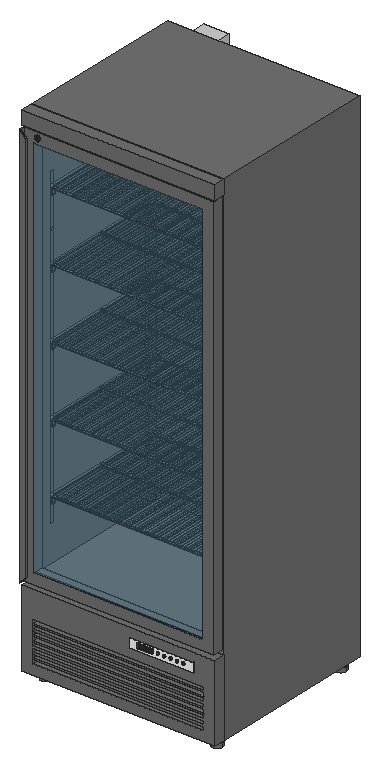
Revit family "QF_BLIZZARD_BMF1_250923015147", category Specialty Equipment, Revit 2021
Family settings
  Round Connector Dimension = Use Diameter
  Part Type = Normal
  OmniClass Number = 23.40.40.14
  OmniClass Title = Food Service Equipment
  Work Plane-Based = No
  Always vertical = Yes
  Cut with Voids When Loaded = No
  Shared = No
  Room Calculation Point = No
Parameters (values of type "BMF1")
  Weight [instance] = 158.00 kg
  Warranty Start Date [instance] = ""
  Warranty Duration [instance] = ""
  Volts [instance] = 230 V
  Volt Free Conn [instance] = no
  URL Recommended Spares List [instance] = ""
  URL Manufacturer [instance] = ""
  URL Cutsheet [instance] = ""
  URL Critical Spares List [instance] = ""
  URL = "www.blizzardequipment.com"
  Technical Documentation [instance] = ""
  Tag Number [instance] = ""
  Status [instance] = ""
  Start Up Current [instance] = 0 A
  Specification by User [instance] = ""
  Specification by Manufacturer [instance] = ""
  Sound Level [instance] = ""
  Show Logo [instance] = yes
  Show Clearances [instance] = yes
  Service Life Duration [instance] = ""
  Serial Number [instance] = ""
  Seismic Rating [instance] = ""
  SMACNA No [instance] = ""
  Revision Code [instance] = ""
  Revision [instance] = ""
  Production Year [instance] = ""
  Potential Equalisation [instance] = no
  Point Load [instance] = 0
  Phase [instance] = 1
  Other Equipment Approvals [instance] = ""
  Operational Current [instance] = 0 A
  Number of Poles [instance] = 2
  No Load Power Draw [instance] = no
  NAFEM Spec ID Number [instance] = ""
  Model Warning [instance] = ""
  Model = "BMF1"
  Min Ckt Ampacity [instance] = 0 A
  Max Overcurrent Protection [instance] = 13 A
  Masterspec [instance] = ""
  Manufacturer = "BLIZZARD"
  Main switch integrated [instance] = no
  Length Actual [instance] = 750 mm
  Item Number [instance] = ""
  Installed By [instance] = ""
  Installation Date [instance] = ""
  Identify Quantity as Lot [instance] = no
  ID [instance] = ""
  Hygiene Approval [instance] = ""
  Height Actual [instance] = 2003 mm
  HP power [instance] = ""
  Furnished By [instance] = ""
  Foodservice Equipment Identifier [instance] = no
  FL Amps [instance] = 0.93 A
  Electrical Remarks [instance] = ""
  Electric power [instance] = 220 W
  Electric Connection Type [instance] = ""
  Elec Conn RI Height [instance] = 0 mm
  Elec Conn Connection Height [instance] = 0 mm
  ETL Approved [instance] = no
  Description = "SINGLE HINGED GLASS DOOR DISPLAY FREEZER"
  Depth Actual [instance] = 710 mm
  Default Elevation = 0 mm
  Cycle [instance] = 50 Hz
  Cost = 1778
  Connection to energy optimisation system [instance] = yes
  Conn Plug [instance] = ""
  Conn Conduit [instance] = no
  Centralized building control system with digital interface [instance] = ""
  CSI MasterFormat [instance] = ""
  CE Approved [instance] = no
  Barcode [instance] = 0
  Author [instance] = ""
  Asset Identifier [instance] = ""
  Apparent Power [instance] = 220 VA
  Accessory [instance] = no
Reference planes
  plane 1 "Center (Front/Back)": y = 0
  plane 2: z = 0
  plane 3 "Center (Left/Right)": x = 0
Forms (mm)
  Extrusion 1, solid, not visible
    sketch origin (200.01, -2, 200.01) x (1, 0, 0) y (0, 1, 0)
      loop
        line (-2, 2) -> (-2, -2) -> (2, -2) -> (2, 2) -> (-2, 2)
    from -2 to 2
Dimensions and locks
  locked: Extrusion 1 to nested 2
  locked: nested 2 to Extrusion 1 at 2
  aligned and locked: level to plane 2
Nested families
  nested 1: "QF_BLIZZARD_BMF1_2920" at (0, 0, 0), type "BMF1"
    with Weight 158.00 kg, Warranty Start Date "", Warranty Duration "", URL Cutsheet "", Technical Documentation "", Tag Number "", Status "", Specification by User "", Specification by Manufacturer "", Sound Level "", Solid Fuel Type "", Show Logo yes, Show Clearances yes, Service Life Duration "", Serial Number "", Seismic Rating "", SMACNA No "", Revision Code "", Revision "", Production Year "", Point Load 0, Other Equipment Approvals "", NAFEM Spec ID Number "", Model Warning "", Masterspec "", Length Actual 750 mm, Item Number "", Installed By "", Installation Date "", Identify Quantity as Lot yes, ID "", Hygiene Approval "", Height Actual 2003 mm, Furnished By "", Foodservice Equipment Identifier yes, ETL Approved yes, Depth Actual 710 mm, CSI MasterFormat "", CE Approved yes, Barcode "", Asset Identifier "", Accessory no
  nested 2: "CONN_POINT_ELE_2D___Generic_Annotation" at (200.01, 0, 200.01), type "CONN_POINT_ELE_2D___Generic_Annotation"
    with Onboard connection annotation symbol visibility yes
Connectors
  electrical at (200.01, 0, 200.01), driven by "Apparent Power", driven by "Number of Poles", driven by "Volts"
    settings: on Extrusion 1, index 1, voltage 230 V, apparent load 0 VA, apparent load phase1 220 VA, apparent load phase2 0 VA, apparent load phase3 0 VA, power factor 1, load classification "Other", number of poles 2, system type 31, power factor state 1, is connector primary yes, connector utility no, sub classification motor no, connector description "Electrical connection for BMF1"
Definition of nested family "QF_BLIZZARD_BMF1_2920"
  Parameters (values of type "BMF1")
    Weight [instance] = 0.00 kg
    Warranty Start Date [instance] = ""
    Warranty Duration [instance] = ""
    URL Cutsheet [instance] = ""
    URL = "www.blizzardequipment.com"
    Technical Documentation [instance] = ""
    Tag Number [instance] = ""
    Status [instance] = ""
    Specification by User [instance] = ""
    Specification by Manufacturer [instance] = ""
    Sound Level [instance] = ""
    Solid Fuel Type [instance] = ""
    Show Logo [instance] = yes
    Show Clearances [instance] = yes
    Service Life Duration [instance] = ""
    Serial Number [instance] = ""
    Seismic Rating [instance] = ""
    SMACNA No [instance] = ""
    Revision Code [instance] = ""
    Revision [instance] = ""
    Production Year [instance] = ""
    Point Load [instance] = 0
    Other Equipment Approvals [instance] = ""
    NAFEM Spec ID Number [instance] = ""
    Model Warning [instance] = ""
    Model = "BMF1"
    Masterspec [instance] = ""
    Manufacturer = "BLIZZARD"
    Length Actual [instance] = 0 mm
    Item Number [instance] = ""
    Installed By [instance] = ""
    Installation Date [instance] = ""
    Identify Quantity as Lot [instance] = yes
    ID [instance] = ""
    Hygiene Approval [instance] = ""
    Height Actual [instance] = 0 mm
    Furnished By [instance] = ""
    Foodservice Equipment Identifier [instance] = yes
    ETL Approved [instance] = yes
    Description = "SINGLE HINGED GLASS DOOR DISPLAY FREEZER"
    Depth Actual [instance] = 0 mm
    Default Elevation = 0 mm
    CSI MasterFormat [instance] = ""
    CE Approved [instance] = yes
    Barcode [instance] = ""
    Author = "SPECIFI"
    Asset Identifier [instance] = ""
    Assembly Code = "E1090320"
    Accessory [instance] = yes
  Reference planes
    plane 1 "Back": y = 0
    plane 2: z = 0
    plane 3 "Left": x = 0
    plane 4 "Right": x = 750
    plane 5 "Front": y = -710
    plane 6 "Top": z = 2003
  Forms (mm)
    Extrusion 1, solid
      sketch origin (0, 60, 10) x (1, 0, 0) y (0, 0, 1)
        loop
          line (0, 1993) -> (0, 29) -> (750, 29) -> (750, 1993) -> (0, 1993)
        loop
          line (35, 1953) -> (35, 376) -> (715, 376) -> (715, 1953) -> (35, 1953)
      from 60 to 725
    Extrusion 2, solid
      sketch origin (0, 0, 1147.5) x (0, 1, 0) y (0, 0, 1)
        loop
          line (-665, 855.5) -> (-710, 855.5) -> (-710, 800) -> (-665, 800) -> (-665, 855.5)
      from 0 to 750
    Revolve 3, solid
      sketch origin (0, -40, 0) x (1, 0, 0) y (0, 0, -1)
        loop
          line (50, -39) -> (50, -15) -> (60, -15) -> (60, 0) -> (40, 0) -> (40, -39) -> (50, -39)
        axis (40, 0) -> (40, -39)
      angle from 0 to 360
    Revolve 4, solid
      sketch origin (60, -70, 1118) x (0, 1, 0) y (0, 0, 1)
        loop
          line (-640, 812.281) -> (-640, 815) -> (-641, 815) -> (-642.268, 812.281) -> (-640, 812.281)
        axis (-640, 805) -> (-642.268, 805)
      angle from 0 to 360
    Extrusion 5, solid
      sketch origin (60, -710, 1118) x (1, 0, 0) y (0, 0, 1)
        loop
          circle (0, 805) r 7.281
      from 0 to 2.268
    Extrusion 6, solid
      sketch origin (-309.781, -710.768, 1118) x (1, 0, 0) y (0, 0, 1)
        loop
          line (368.781, 810.281) -> (368.781, 803.281) -> (370.781, 803.281) -> (370.781, 810.281) -> (368.781, 810.281)
      from 0.232 to 2
    Extrusion 7, solid
      sketch origin (0, -680, 1063) x (1, 0, 0) y (0, 0, 1)
        loop
          line (4, 880) -> (4, -707) -> (746, -707) -> (746, 880) -> (4, 880)
        loop
          line (706, -667) -> (706, 840) -> (44, 840) -> (44, -667) -> (706, -667)
      from -10 to 30
    Extrusion 8, solid
      sketch origin (0, 0, 0) x (1, 0, 0) y (0, 0, 1)
        loop
          line (35, 1963) -> (35, 386) -> (715, 386) -> (715, 1963) -> (35, 1963)
      from 0 to 100
    Extrusion 9, solid
      sketch origin (305, -670, 0) x (1, 0, 0) y (0, 0, 1)
        loop
          line (-305, 339) -> (-305, 39) -> (445, 39) -> (445, 339) -> (-305, 339)
        loop
          line (-265, 79) -> (405, 79) -> (405, 94) -> (-265, 94) -> (-265, 79)
        loop
          line (-265, 99) -> (405, 99) -> (405, 114) -> (-265, 114) -> (-265, 99)
        loop
          line (-265, 119) -> (405, 119) -> (405, 134) -> (-265, 134) -> (-265, 119)
        loop
          line (-265, 139) -> (405, 139) -> (405, 154) -> (-265, 154) -> (-265, 139)
        loop
          line (-265, 159) -> (405, 159) -> (405, 174) -> (-265, 174) -> (-265, 159)
        loop
          line (-265, 179) -> (405, 179) -> (405, 194) -> (-265, 194) -> (-265, 179)
        loop
          line (-265, 199) -> (405, 199) -> (405, 214) -> (-265, 214) -> (-265, 199)
        loop
          line (-265, 219) -> (405, 219) -> (405, 234) -> (-265, 234) -> (-265, 219)
      from -5 to 40
    Extrusion 10, solid
      sketch origin (40, -670, 673) x (1, 0, 0) y (0, 0, 1)
        loop
          line (-21, -302) -> (691, -302) -> (691, 1255) -> (-21, 1255) -> (-21, -302)
        loop
          line (-11, -292) -> (681, -292) -> (681, 1245) -> (-11, 1245) -> (-11, -292)
      from -5 to 0
    Extrusion 11, solid
      sketch origin (490, -702, 1063) x (-1, 0, 0) y (0, 0, -1)
        loop
          line (-216, -840) -> (446, -840) -> (446, 667) -> (-216, 667) -> (-216, -840)
      from 0 to 5
    Extrusion 12, solid
      sketch origin (35, -688.633, 200) x (0, -1, 0) y (0, 0, -1)
        loop
          line (-70, -1362) -> (-70, -330) -> (-80, -330) -> (-80, -1362) -> (-70, -1362)
        loop
          line (-77, -336.989) -> (-77, -340.989) -> (-73, -340.989) -> (-73, -336.989) -> (-77, -336.989)
        loop
          line (-77, -351.989) -> (-77, -355.989) -> (-73, -355.989) -> (-73, -351.989) -> (-77, -351.989)
        loop
          line (-77, -366.989) -> (-77, -370.989) -> (-73, -370.989) -> (-73, -366.989) -> (-77, -366.989)
        loop
          line (-77, -381.989) -> (-77, -385.989) -> (-73, -385.989) -> (-73, -381.989) -> (-77, -381.989)
        loop
          line (-77, -396.989) -> (-77, -400.989) -> (-73, -400.989) -> (-73, -396.989) -> (-77, -396.989)
        loop
          line (-77, -411.989) -> (-77, -415.989) -> (-73, -415.989) -> (-73, -411.989) -> (-77, -411.989)
        loop
          line (-77, -426.989) -> (-77, -430.989) -> (-73, -430.989) -> (-73, -426.989) -> (-77, -426.989)
        loop
          line (-77, -441.989) -> (-77, -445.989) -> (-73, -445.989) -> (-73, -441.989) -> (-77, -441.989)
        loop
          line (-77, -456.989) -> (-77, -460.989) -> (-73, -460.989) -> (-73, -456.989) -> (-77, -456.989)
        loop
          line (-77, -471.989) -> (-77, -475.989) -> (-73, -475.989) -> (-73, -471.989) -> (-77, -471.989)
        loop
          line (-77, -486.989) -> (-77, -490.989) -> (-73, -490.989) -> (-73, -486.989) -> (-77, -486.989)
        loop
          line (-77, -501.989) -> (-77, -505.989) -> (-73, -505.989) -> (-73, -501.989) -> (-77, -501.989)
        loop
          line (-77, -516.989) -> (-77, -520.989) -> (-73, -520.989) -> (-73, -516.989) -> (-77, -516.989)
        loop
          line (-77, -531.989) -> (-77, -535.989) -> (-73, -535.989) -> (-73, -531.989) -> (-77, -531.989)
        loop
          line (-77, -546.989) -> (-77, -550.989) -> (-73, -550.989) -> (-73, -546.989) -> (-77, -546.989)
        loop
          line (-77, -561.989) -> (-77, -565.989) -> (-73, -565.989) -> (-73, -561.989) -> (-77, -561.989)
        loop
          line (-77, -576.989) -> (-77, -580.989) -> (-73, -580.989) -> (-73, -576.989) -> (-77, -576.989)
        loop
          line (-77, -591.989) -> (-77, -595.989) -> (-73, -595.989) -> (-73, -591.989) -> (-77, -591.989)
        loop
          line (-77, -606.989) -> (-77, -610.989) -> (-73, -610.989) -> (-73, -606.989) -> (-77, -606.989)
        loop
          line (-77, -621.989) -> (-77, -625.989) -> (-73, -625.989) -> (-73, -621.989) -> (-77, -621.989)
        loop
          line (-77, -636.989) -> (-77, -640.989) -> (-73, -640.989) -> (-73, -636.989) -> (-77, -636.989)
        loop
          line (-77, -651.989) -> (-77, -655.989) -> (-73, -655.989) -> (-73, -651.989) -> (-77, -651.989)
        loop
          line (-77, -666.989) -> (-77, -670.989) -> (-73, -670.989) -> (-73, -666.989) -> (-77, -666.989)
        loop
          line (-77, -681.989) -> (-77, -685.989) -> (-73, -685.989) -> (-73, -681.989) -> (-77, -681.989)
        loop
          line (-77, -696.989) -> (-77, -700.989) -> (-73, -700.989) -> (-73, -696.989) -> (-77, -696.989)
        loop
          line (-77, -711.989) -> (-77, -715.989) -> (-73, -715.989) -> (-73, -711.989) -> (-77, -711.989)
        loop
          line (-77, -726.989) -> (-77, -730.989) -> (-73, -730.989) -> (-73, -726.989) -> (-77, -726.989)
        loop
          line (-77, -741.989) -> (-77, -745.989) -> (-73, -745.989) -> (-73, -741.989) -> (-77, -741.989)
        loop
          line (-77, -756.989) -> (-77, -760.989) -> (-73, -760.989) -> (-73, -756.989) -> (-77, -756.989)
        loop
          line (-77, -771.989) -> (-77, -775.989) -> (-73, -775.989) -> (-73, -771.989) -> (-77, -771.989)
        loop
          line (-77, -786.989) -> (-77, -790.989) -> (-73, -790.989) -> (-73, -786.989) -> (-77, -786.989)
        loop
          line (-77, -801.989) -> (-77, -805.989) -> (-73, -805.989) -> (-73, -801.989) -> (-77, -801.989)
        loop
          line (-77, -816.989) -> (-77, -820.989) -> (-73, -820.989) -> (-73, -816.989) -> (-77, -816.989)
        loop
          line (-77, -831.989) -> (-77, -835.989) -> (-73, -835.989) -> (-73, -831.989) -> (-77, -831.989)
        loop
          line (-77, -846.989) -> (-77, -850.989) -> (-73, -850.989) -> (-73, -846.989) -> (-77, -846.989)
        loop
          line (-77, -861.989) -> (-77, -865.989) -> (-73, -865.989) -> (-73, -861.989) -> (-77, -861.989)
        loop
          line (-77, -876.989) -> (-77, -880.989) -> (-73, -880.989) -> (-73, -876.989) -> (-77, -876.989)
        loop
          line (-77, -891.989) -> (-77, -895.989) -> (-73, -895.989) -> (-73, -891.989) -> (-77, -891.989)
        loop
          line (-77, -906.989) -> (-77, -910.989) -> (-73, -910.989) -> (-73, -906.989) -> (-77, -906.989)
        loop
          line (-77, -921.989) -> (-77, -925.989) -> (-73, -925.989) -> (-73, -921.989) -> (-77, -921.989)
        loop
          line (-77, -936.989) -> (-77, -940.989) -> (-73, -940.989) -> (-73, -936.989) -> (-77, -936.989)
        loop
          line (-77, -951.989) -> (-77, -955.989) -> (-73, -955.989) -> (-73, -951.989) -> (-77, -951.989)
        loop
          line (-77, -966.989) -> (-77, -970.989) -> (-73, -970.989) -> (-73, -966.989) -> (-77, -966.989)
        loop
          line (-77, -981.989) -> (-77, -985.989) -> (-73, -985.989) -> (-73, -981.989) -> (-77, -981.989)
        loop
          line (-77, -996.989) -> (-77, -1000.989) -> (-73, -1000.989) -> (-73, -996.989) -> (-77, -996.989)
        loop
          line (-77, -1011.989) -> (-77, -1015.989) -> (-73, -1015.989) -> (-73, -1011.989) -> (-77, -1011.989)
        loop
          line (-77, -1026.989) -> (-77, -1030.989) -> (-73, -1030.989) -> (-73, -1026.989) -> (-77, -1026.989)
        loop
          line (-77, -1041.989) -> (-77, -1045.989) -> (-73, -1045.989) -> (-73, -1041.989) -> (-77, -1041.989)
        loop
          line (-77, -1056.989) -> (-77, -1060.989) -> (-73, -1060.989) -> (-73, -1056.989) -> (-77, -1056.989)
        loop
          line (-77, -1071.989) -> (-77, -1075.989) -> (-73, -1075.989) -> (-73, -1071.989) -> (-77, -1071.989)
        loop
          line (-77, -1086.989) -> (-77, -1090.989) -> (-73, -1090.989) -> (-73, -1086.989) -> (-77, -1086.989)
        loop
          line (-77, -1101.989) -> (-77, -1105.989) -> (-73, -1105.989) -> (-73, -1101.989) -> (-77, -1101.989)
        loop
          line (-77, -1116.989) -> (-77, -1120.989) -> (-73, -1120.989) -> (-73, -1116.989) -> (-77, -1116.989)
        loop
          line (-77, -1131.989) -> (-77, -1135.989) -> (-73, -1135.989) -> (-73, -1131.989) -> (-77, -1131.989)
        loop
          line (-77, -1146.989) -> (-77, -1150.989) -> (-73, -1150.989) -> (-73, -1146.989) -> (-77, -1146.989)
        loop
          line (-77, -1161.989) -> (-77, -1165.989) -> (-73, -1165.989) -> (-73, -1161.989) -> (-77, -1161.989)
        loop
          line (-77, -1176.989) -> (-77, -1180.989) -> (-73, -1180.989) -> (-73, -1176.989) -> (-77, -1176.989)
        loop
          line (-77, -1191.989) -> (-77, -1195.989) -> (-73, -1195.989) -> (-73, -1191.989) -> (-77, -1191.989)
        loop
          line (-77, -1206.989) -> (-77, -1210.989) -> (-73, -1210.989) -> (-73, -1206.989) -> (-77, -1206.989)
        loop
          line (-77, -1221.989) -> (-77, -1225.989) -> (-73, -1225.989) -> (-73, -1221.989) -> (-77, -1221.989)
        loop
          line (-77, -1236.989) -> (-77, -1240.989) -> (-73, -1240.989) -> (-73, -1236.989) -> (-77, -1236.989)
        loop
          line (-77, -1251.989) -> (-77, -1255.989) -> (-73, -1255.989) -> (-73, -1251.989) -> (-77, -1251.989)
        loop
          line (-77, -1266.989) -> (-77, -1270.989) -> (-73, -1270.989) -> (-73, -1266.989) -> (-77, -1266.989)
        loop
          line (-77, -1281.989) -> (-77, -1285.989) -> (-73, -1285.989) -> (-73, -1281.989) -> (-77, -1281.989)
        loop
          line (-77, -1296.989) -> (-77, -1300.989) -> (-73, -1300.989) -> (-73, -1296.989) -> (-77, -1296.989)
        loop
          line (-77, -1311.989) -> (-77, -1315.989) -> (-73, -1315.989) -> (-73, -1311.989) -> (-77, -1311.989)
        loop
          line (-77, -1326.989) -> (-77, -1330.989) -> (-73, -1330.989) -> (-73, -1326.989) -> (-77, -1326.989)
        loop
          line (-77, -1341.989) -> (-77, -1345.989) -> (-73, -1345.989) -> (-73, -1341.989) -> (-77, -1341.989)
      from 0 to 5
    Sweep 13, solid
      path origin (47.141, -189.803, 1713.371) x (1, 0, 0) y (0, 1, 0)
        loop
          arc (9.859, 55.803) -> (1.373, 52.288) -> (-2.141, 43.803) r 12
          line (-2.141, 43.803) -> (-2.141, -428.83)
          arc (-2.141, -428.83) -> (1.373, -437.316) -> (9.859, -440.83) r 12
          line (9.859, -440.83) -> (645.859, -440.83)
          arc (645.859, -440.83) -> (654.344, -437.316) -> (657.859, -428.83) r 12
          line (657.859, -428.83) -> (657.859, 43.803)
          arc (657.859, 43.803) -> (654.344, 52.288) -> (645.859, 55.803) r 12
          line (645.859, 55.803) -> (9.859, 55.803)
      profile origin (375, -134, 1713.371) x (0, 1, 0) y (0, 0, 1)
        loop
          circle (0, 0) r 3.5
    Extrusion 14, solid
      sketch origin (45, -189.803, 1713.371) x (1, 0, 0) y (0, 0, 1)
        loop
          circle (13.5, 4.5) r 1
        loop
          circle (26, 4.5) r 1
        loop
          circle (38.5, 4.5) r 1
        loop
          circle (51, 4.5) r 1
        loop
          circle (63.5, 4.5) r 1
        loop
          circle (76, 4.5) r 1
        loop
          circle (88.5, 4.5) r 1
        loop
          circle (101, 4.5) r 1
        loop
          circle (113.5, 4.5) r 1
        loop
          circle (126, 4.5) r 1
        loop
          circle (138.5, 4.5) r 1
        loop
          circle (151, 4.5) r 1
        loop
          circle (163.5, 4.5) r 1
        loop
          circle (176, 4.5) r 1
        loop
          circle (188.5, 4.5) r 1
        loop
          circle (201, 4.5) r 1
        loop
          circle (213.5, 4.5) r 1
        loop
          circle (226, 4.5) r 1
        loop
          circle (238.5, 4.5) r 1
        loop
          circle (251, 4.5) r 1
        loop
          circle (263.5, 4.5) r 1
        loop
          circle (276, 4.5) r 1
        loop
          circle (288.5, 4.5) r 1
        loop
          circle (301, 4.5) r 1
        loop
          circle (313.5, 4.5) r 1
        loop
          circle (326, 4.5) r 1
        loop
          circle (338.5, 4.5) r 1
        loop
          circle (351, 4.5) r 1
        loop
          circle (363.5, 4.5) r 1
        loop
          circle (376, 4.5) r 1
        loop
          circle (388.5, 4.5) r 1
        loop
          circle (401, 4.5) r 1
        loop
          circle (413.5, 4.5) r 1
        loop
          circle (426, 4.5) r 1
        loop
          circle (438.5, 4.5) r 1
        loop
          circle (451, 4.5) r 1
        loop
          circle (463.5, 4.5) r 1
        loop
          circle (476, 4.5) r 1
        loop
          circle (488.5, 4.5) r 1
        loop
          circle (501, 4.5) r 1
        loop
          circle (513.5, 4.5) r 1
        loop
          circle (526, 4.5) r 1
        loop
          circle (538.5, 4.5) r 1
        loop
          circle (551, 4.5) r 1
        loop
          circle (563.5, 4.5) r 1
        loop
          circle (576, 4.5) r 1
        loop
          circle (588.5, 4.5) r 1
        loop
          circle (601, 4.5) r 1
        loop
          circle (613.5, 4.5) r 1
        loop
          circle (626, 4.5) r 1
        loop
          circle (638.5, 4.5) r 1
        loop
          circle (651, 4.5) r 1
      from -55.803 to 440.197
    Extrusion 15, solid
      sketch origin (45, -170.816, 1713.371) x (0, 1, 0) y (0, 0, 1)
        loop
          circle (-211.5, 0) r 3.5
      from 0 to 660
    Extrusion 16, solid
      sketch origin (1653.773, -1414.75, 866.919) x (1, 0, 0) y (0, 0, 1)
        loop
          line (-1608.773, 812.071) -> (-1593.825, 844.071) -> (-1608.773, 844.071) -> (-1608.773, 812.071)
      from -1264.75 to -1262.75
    Extrusion 17, solid
      sketch origin (40, -538.633, 1105.383) x (0, -1, 0) y (0, 0, -1)
        loop
          line (-382.633, -605.606) -> (-382.633, -573.606) -> (-392.633, -573.606) -> (-392.633, -605.606) -> (-382.633, -605.606)
      from 0 to 5
    Extrusion 18, solid
      sketch origin (1653.773, 650.117, 866.919) x (1, 0, 0) y (0, 0, -1)
        loop
          line (-1608.773, -812.071) -> (-1608.773, -844.071) -> (-1593.825, -844.071) -> (-1608.773, -812.071)
      from -1264.75 to -1262.75
    Extrusion 19, solid
      sketch origin (40, -226, 1105.383) x (0, 1, 0) y (0, 0, 1)
        loop
          line (-382.633, 605.606) -> (-392.633, 605.606) -> (-392.633, 573.606) -> (-382.633, 573.606) -> (-382.633, 605.606)
      from 0 to 5
    Extrusion 20, solid
      sketch origin (-903.773, -1414.75, 866.919) x (-1, 0, 0) y (0, 0, -1)
        loop
          line (-1608.773, -812.071) -> (-1608.773, -844.071) -> (-1593.825, -844.071) -> (-1608.773, -812.071)
      from -1264.75 to -1262.75
    Extrusion 21, solid
      sketch origin (710, -538.633, 1105.383) x (0, -1, 0) y (0, 0, 1)
        loop
          line (-382.633, 605.606) -> (-392.633, 605.606) -> (-392.633, 573.606) -> (-382.633, 573.606) -> (-382.633, 605.606)
      from 0 to 5
    Extrusion 22, solid
      sketch origin (-903.773, 650.117, 866.919) x (-1, 0, 0) y (0, 0, 1)
        loop
          line (-1608.773, 812.071) -> (-1593.825, 844.071) -> (-1608.773, 844.071) -> (-1608.773, 812.071)
      from -1264.75 to -1262.75
    Extrusion 23, solid
      sketch origin (710, -226, 1105.383) x (0, 1, 0) y (0, 0, -1)
        loop
          line (-382.633, -605.606) -> (-382.633, -573.606) -> (-392.633, -573.606) -> (-392.633, -605.606) -> (-382.633, -605.606)
      from 0 to 5
    Extrusion 24, solid
      sketch origin (35, -226, 200) x (0, -1, 0) y (0, 0, -1)
        loop
          line (-70, -1562) -> (-70, -330) -> (-80, -330) -> (-80, -1562) -> (-70, -1562)
        loop
          line (-77, -336.989) -> (-77, -340.989) -> (-73, -340.989) -> (-73, -336.989) -> (-77, -336.989)
        loop
          line (-77, -351.989) -> (-77, -355.989) -> (-73, -355.989) -> (-73, -351.989) -> (-77, -351.989)
        loop
          line (-77, -366.989) -> (-77, -370.989) -> (-73, -370.989) -> (-73, -366.989) -> (-77, -366.989)
        loop
          line (-77, -381.989) -> (-77, -385.989) -> (-73, -385.989) -> (-73, -381.989) -> (-77, -381.989)
        loop
          line (-77, -396.989) -> (-77, -400.989) -> (-73, -400.989) -> (-73, -396.989) -> (-77, -396.989)
        loop
          line (-77, -411.989) -> (-77, -415.989) -> (-73, -415.989) -> (-73, -411.989) -> (-77, -411.989)
        loop
          line (-77, -426.989) -> (-77, -430.989) -> (-73, -430.989) -> (-73, -426.989) -> (-77, -426.989)
        loop
          line (-77, -441.989) -> (-77, -445.989) -> (-73, -445.989) -> (-73, -441.989) -> (-77, -441.989)
        loop
          line (-77, -456.989) -> (-77, -460.989) -> (-73, -460.989) -> (-73, -456.989) -> (-77, -456.989)
        loop
          line (-77, -471.989) -> (-77, -475.989) -> (-73, -475.989) -> (-73, -471.989) -> (-77, -471.989)
        loop
          line (-77, -486.989) -> (-77, -490.989) -> (-73, -490.989) -> (-73, -486.989) -> (-77, -486.989)
        loop
          line (-77, -501.989) -> (-77, -505.989) -> (-73, -505.989) -> (-73, -501.989) -> (-77, -501.989)
        loop
          line (-77, -516.989) -> (-77, -520.989) -> (-73, -520.989) -> (-73, -516.989) -> (-77, -516.989)
        loop
          line (-77, -531.989) -> (-77, -535.989) -> (-73, -535.989) -> (-73, -531.989) -> (-77, -531.989)
        loop
          line (-77, -546.989) -> (-77, -550.989) -> (-73, -550.989) -> (-73, -546.989) -> (-77, -546.989)
        loop
          line (-77, -561.989) -> (-77, -565.989) -> (-73, -565.989) -> (-73, -561.989) -> (-77, -561.989)
        loop
          line (-77, -576.989) -> (-77, -580.989) -> (-73, -580.989) -> (-73, -576.989) -> (-77, -576.989)
        loop
          line (-77, -591.989) -> (-77, -595.989) -> (-73, -595.989) -> (-73, -591.989) -> (-77, -591.989)
        loop
          line (-77, -606.989) -> (-77, -610.989) -> (-73, -610.989) -> (-73, -606.989) -> (-77, -606.989)
        loop
          line (-77, -621.989) -> (-77, -625.989) -> (-73, -625.989) -> (-73, -621.989) -> (-77, -621.989)
        loop
          line (-77, -636.989) -> (-77, -640.989) -> (-73, -640.989) -> (-73, -636.989) -> (-77, -636.989)
        loop
          line (-77, -651.989) -> (-77, -655.989) -> (-73, -655.989) -> (-73, -651.989) -> (-77, -651.989)
        loop
          line (-77, -666.989) -> (-77, -670.989) -> (-73, -670.989) -> (-73, -666.989) -> (-77, -666.989)
        loop
          line (-77, -681.989) -> (-77, -685.989) -> (-73, -685.989) -> (-73, -681.989) -> (-77, -681.989)
        loop
          line (-77, -696.989) -> (-77, -700.989) -> (-73, -700.989) -> (-73, -696.989) -> (-77, -696.989)
        loop
          line (-77, -711.989) -> (-77, -715.989) -> (-73, -715.989) -> (-73, -711.989) -> (-77, -711.989)
        loop
          line (-77, -726.989) -> (-77, -730.989) -> (-73, -730.989) -> (-73, -726.989) -> (-77, -726.989)
        loop
          line (-77, -741.989) -> (-77, -745.989) -> (-73, -745.989) -> (-73, -741.989) -> (-77, -741.989)
        loop
          line (-77, -756.989) -> (-77, -760.989) -> (-73, -760.989) -> (-73, -756.989) -> (-77, -756.989)
        loop
          line (-77, -771.989) -> (-77, -775.989) -> (-73, -775.989) -> (-73, -771.989) -> (-77, -771.989)
        loop
          line (-77, -786.989) -> (-77, -790.989) -> (-73, -790.989) -> (-73, -786.989) -> (-77, -786.989)
        loop
          line (-77, -801.989) -> (-77, -805.989) -> (-73, -805.989) -> (-73, -801.989) -> (-77, -801.989)
        loop
          line (-77, -816.989) -> (-77, -820.989) -> (-73, -820.989) -> (-73, -816.989) -> (-77, -816.989)
        loop
          line (-77, -831.989) -> (-77, -835.989) -> (-73, -835.989) -> (-73, -831.989) -> (-77, -831.989)
        loop
          line (-77, -846.989) -> (-77, -850.989) -> (-73, -850.989) -> (-73, -846.989) -> (-77, -846.989)
        loop
          line (-77, -861.989) -> (-77, -865.989) -> (-73, -865.989) -> (-73, -861.989) -> (-77, -861.989)
        loop
          line (-77, -876.989) -> (-77, -880.989) -> (-73, -880.989) -> (-73, -876.989) -> (-77, -876.989)
        loop
          line (-77, -891.989) -> (-77, -895.989) -> (-73, -895.989) -> (-73, -891.989) -> (-77, -891.989)
        loop
          line (-77, -906.989) -> (-77, -910.989) -> (-73, -910.989) -> (-73, -906.989) -> (-77, -906.989)
        loop
          line (-77, -921.989) -> (-77, -925.989) -> (-73, -925.989) -> (-73, -921.989) -> (-77, -921.989)
        loop
          line (-77, -936.989) -> (-77, -940.989) -> (-73, -940.989) -> (-73, -936.989) -> (-77, -936.989)
        loop
          line (-77, -951.989) -> (-77, -955.989) -> (-73, -955.989) -> (-73, -951.989) -> (-77, -951.989)
        loop
          line (-77, -966.989) -> (-77, -970.989) -> (-73, -970.989) -> (-73, -966.989) -> (-77, -966.989)
        loop
          line (-77, -981.989) -> (-77, -985.989) -> (-73, -985.989) -> (-73, -981.989) -> (-77, -981.989)
        loop
          line (-77, -996.989) -> (-77, -1000.989) -> (-73, -1000.989) -> (-73, -996.989) -> (-77, -996.989)
        loop
          line (-77, -1011.989) -> (-77, -1015.989) -> (-73, -1015.989) -> (-73, -1011.989) -> (-77, -1011.989)
        loop
          line (-77, -1026.989) -> (-77, -1030.989) -> (-73, -1030.989) -> (-73, -1026.989) -> (-77, -1026.989)
        loop
          line (-77, -1041.989) -> (-77, -1045.989) -> (-73, -1045.989) -> (-73, -1041.989) -> (-77, -1041.989)
        loop
          line (-77, -1056.989) -> (-77, -1060.989) -> (-73, -1060.989) -> (-73, -1056.989) -> (-77, -1056.989)
        loop
          line (-77, -1071.989) -> (-77, -1075.989) -> (-73, -1075.989) -> (-73, -1071.989) -> (-77, -1071.989)
        loop
          line (-77, -1086.989) -> (-77, -1090.989) -> (-73, -1090.989) -> (-73, -1086.989) -> (-77, -1086.989)
        loop
          line (-77, -1101.989) -> (-77, -1105.989) -> (-73, -1105.989) -> (-73, -1101.989) -> (-77, -1101.989)
        loop
          line (-77, -1116.989) -> (-77, -1120.989) -> (-73, -1120.989) -> (-73, -1116.989) -> (-77, -1116.989)
        loop
          line (-77, -1131.989) -> (-77, -1135.989) -> (-73, -1135.989) -> (-73, -1131.989) -> (-77, -1131.989)
        loop
          line (-77, -1146.989) -> (-77, -1150.989) -> (-73, -1150.989) -> (-73, -1146.989) -> (-77, -1146.989)
        loop
          line (-77, -1161.989) -> (-77, -1165.989) -> (-73, -1165.989) -> (-73, -1161.989) -> (-77, -1161.989)
        loop
          line (-77, -1176.989) -> (-77, -1180.989) -> (-73, -1180.989) -> (-73, -1176.989) -> (-77, -1176.989)
        loop
          line (-77, -1191.989) -> (-77, -1195.989) -> (-73, -1195.989) -> (-73, -1191.989) -> (-77, -1191.989)
        loop
          line (-77, -1206.989) -> (-77, -1210.989) -> (-73, -1210.989) -> (-73, -1206.989) -> (-77, -1206.989)
        loop
          line (-77, -1221.989) -> (-77, -1225.989) -> (-73, -1225.989) -> (-73, -1221.989) -> (-77, -1221.989)
        loop
          line (-77, -1236.989) -> (-77, -1240.989) -> (-73, -1240.989) -> (-73, -1236.989) -> (-77, -1236.989)
        loop
          line (-77, -1251.989) -> (-77, -1255.989) -> (-73, -1255.989) -> (-73, -1251.989) -> (-77, -1251.989)
        loop
          line (-77, -1266.989) -> (-77, -1270.989) -> (-73, -1270.989) -> (-73, -1266.989) -> (-77, -1266.989)
        loop
          line (-77, -1281.989) -> (-77, -1285.989) -> (-73, -1285.989) -> (-73, -1281.989) -> (-77, -1281.989)
        loop
          line (-77, -1296.989) -> (-77, -1300.989) -> (-73, -1300.989) -> (-73, -1296.989) -> (-77, -1296.989)
        loop
          line (-77, -1311.989) -> (-77, -1315.989) -> (-73, -1315.989) -> (-73, -1311.989) -> (-77, -1311.989)
        loop
          line (-77, -1326.989) -> (-77, -1330.989) -> (-73, -1330.989) -> (-73, -1326.989) -> (-77, -1326.989)
        loop
          line (-77, -1341.989) -> (-77, -1345.989) -> (-73, -1345.989) -> (-73, -1341.989) -> (-77, -1341.989)
        loop
          line (-77, -1356.989) -> (-77, -1360.989) -> (-73, -1360.989) -> (-73, -1356.989) -> (-77, -1356.989)
        loop
          line (-77, -1371.989) -> (-77, -1375.989) -> (-73, -1375.989) -> (-73, -1371.989) -> (-77, -1371.989)
        loop
          line (-77, -1386.989) -> (-77, -1390.989) -> (-73, -1390.989) -> (-73, -1386.989) -> (-77, -1386.989)
        loop
          line (-77, -1401.989) -> (-77, -1405.989) -> (-73, -1405.989) -> (-73, -1401.989) -> (-77, -1401.989)
        loop
          line (-77, -1416.989) -> (-77, -1420.989) -> (-73, -1420.989) -> (-73, -1416.989) -> (-77, -1416.989)
        loop
          line (-77, -1431.989) -> (-77, -1435.989) -> (-73, -1435.989) -> (-73, -1431.989) -> (-77, -1431.989)
        loop
          line (-77, -1446.989) -> (-77, -1450.989) -> (-73, -1450.989) -> (-73, -1446.989) -> (-77, -1446.989)
        loop
          line (-77, -1461.989) -> (-77, -1465.989) -> (-73, -1465.989) -> (-73, -1461.989) -> (-77, -1461.989)
        loop
          line (-77, -1476.989) -> (-77, -1480.989) -> (-73, -1480.989) -> (-73, -1476.989) -> (-77, -1476.989)
        loop
          line (-77, -1491.989) -> (-77, -1495.989) -> (-73, -1495.989) -> (-73, -1491.989) -> (-77, -1491.989)
        loop
          line (-77, -1506.989) -> (-77, -1510.989) -> (-73, -1510.989) -> (-73, -1506.989) -> (-77, -1506.989)
        loop
          line (-77, -1521.989) -> (-77, -1525.989) -> (-73, -1525.989) -> (-73, -1521.989) -> (-77, -1521.989)
        loop
          line (-77, -1536.989) -> (-77, -1540.989) -> (-73, -1540.989) -> (-73, -1536.989) -> (-77, -1536.989)
        loop
          line (-77, -1551.989) -> (-77, -1555.989) -> (-73, -1555.989) -> (-73, -1551.989) -> (-77, -1551.989)
      from 0 to 5
    Extrusion 25, solid
      sketch origin (294.101, -710, 194) x (1, 0, 0) y (0, 0, 1)
        loop
          line (125.899, 110) -> (125.899, 75) -> (375.899, 75) -> (375.899, 110) -> (125.899, 110)
      from -1 to 1
    Extrusion 26, solid
      sketch origin (255.166, -710.5, 246.5) x (1, 0, 0) y (0, 0, 1)
        loop
          arc (197.834, 50) -> (195.712, 49.121) -> (194.834, 47) r 3
          line (194.834, 47) -> (194.834, 33)
          arc (194.834, 33) -> (195.712, 30.879) -> (197.834, 30) r 3
          line (197.834, 30) -> (251.834, 30)
          arc (251.834, 30) -> (253.955, 30.879) -> (254.834, 33) r 3
          line (254.834, 33) -> (254.834, 47)
          arc (254.834, 47) -> (253.955, 49.121) -> (251.834, 50) r 3
          line (251.834, 50) -> (197.834, 50)
      from -1 to 1
    Extrusion 27, solid, visible <- "Show Clearances", detail levels coarse
      sketch origin (351, -190, 254) x (-1, 0, 0) y (0, -1, 0)
        loop
          line (-395, 520) -> (347, 520)
          arc (347, 520) -> (129.673, 1044.673) -> (-395, 1262) r 742
          line (-395, 1262) -> (-395, 520)
      from 102 to 1689
    Extrusion 28, solid
      sketch origin (35, -688.633, 200) x (0, -1, 0) y (0, 0, -1)
        loop
          line (-70, -1562) -> (-70, -330) -> (-80, -330) -> (-80, -1562) -> (-70, -1562)
        loop
          line (-77, -336.989) -> (-77, -340.989) -> (-73, -340.989) -> (-73, -336.989) -> (-77, -336.989)
        loop
          line (-77, -351.989) -> (-77, -355.989) -> (-73, -355.989) -> (-73, -351.989) -> (-77, -351.989)
        loop
          line (-77, -366.989) -> (-77, -370.989) -> (-73, -370.989) -> (-73, -366.989) -> (-77, -366.989)
        loop
          line (-77, -381.989) -> (-77, -385.989) -> (-73, -385.989) -> (-73, -381.989) -> (-77, -381.989)
        loop
          line (-77, -396.989) -> (-77, -400.989) -> (-73, -400.989) -> (-73, -396.989) -> (-77, -396.989)
        loop
          line (-77, -411.989) -> (-77, -415.989) -> (-73, -415.989) -> (-73, -411.989) -> (-77, -411.989)
        loop
          line (-77, -426.989) -> (-77, -430.989) -> (-73, -430.989) -> (-73, -426.989) -> (-77, -426.989)
        loop
          line (-77, -441.989) -> (-77, -445.989) -> (-73, -445.989) -> (-73, -441.989) -> (-77, -441.989)
        loop
          line (-77, -456.989) -> (-77, -460.989) -> (-73, -460.989) -> (-73, -456.989) -> (-77, -456.989)
        loop
          line (-77, -471.989) -> (-77, -475.989) -> (-73, -475.989) -> (-73, -471.989) -> (-77, -471.989)
        loop
          line (-77, -486.989) -> (-77, -490.989) -> (-73, -490.989) -> (-73, -486.989) -> (-77, -486.989)
        loop
          line (-77, -501.989) -> (-77, -505.989) -> (-73, -505.989) -> (-73, -501.989) -> (-77, -501.989)
        loop
          line (-77, -516.989) -> (-77, -520.989) -> (-73, -520.989) -> (-73, -516.989) -> (-77, -516.989)
        loop
          line (-77, -531.989) -> (-77, -535.989) -> (-73, -535.989) -> (-73, -531.989) -> (-77, -531.989)
        loop
          line (-77, -546.989) -> (-77, -550.989) -> (-73, -550.989) -> (-73, -546.989) -> (-77, -546.989)
        loop
          line (-77, -561.989) -> (-77, -565.989) -> (-73, -565.989) -> (-73, -561.989) -> (-77, -561.989)
        loop
          line (-77, -576.989) -> (-77, -580.989) -> (-73, -580.989) -> (-73, -576.989) -> (-77, -576.989)
        loop
          line (-77, -591.989) -> (-77, -595.989) -> (-73, -595.989) -> (-73, -591.989) -> (-77, -591.989)
        loop
          line (-77, -606.989) -> (-77, -610.989) -> (-73, -610.989) -> (-73, -606.989) -> (-77, -606.989)
        loop
          line (-77, -621.989) -> (-77, -625.989) -> (-73, -625.989) -> (-73, -621.989) -> (-77, -621.989)
        loop
          line (-77, -636.989) -> (-77, -640.989) -> (-73, -640.989) -> (-73, -636.989) -> (-77, -636.989)
        loop
          line (-77, -651.989) -> (-77, -655.989) -> (-73, -655.989) -> (-73, -651.989) -> (-77, -651.989)
        loop
          line (-77, -666.989) -> (-77, -670.989) -> (-73, -670.989) -> (-73, -666.989) -> (-77, -666.989)
        loop
          line (-77, -681.989) -> (-77, -685.989) -> (-73, -685.989) -> (-73, -681.989) -> (-77, -681.989)
        loop
          line (-77, -696.989) -> (-77, -700.989) -> (-73, -700.989) -> (-73, -696.989) -> (-77, -696.989)
        loop
          line (-77, -711.989) -> (-77, -715.989) -> (-73, -715.989) -> (-73, -711.989) -> (-77, -711.989)
        loop
          line (-77, -726.989) -> (-77, -730.989) -> (-73, -730.989) -> (-73, -726.989) -> (-77, -726.989)
        loop
          line (-77, -741.989) -> (-77, -745.989) -> (-73, -745.989) -> (-73, -741.989) -> (-77, -741.989)
        loop
          line (-77, -756.989) -> (-77, -760.989) -> (-73, -760.989) -> (-73, -756.989) -> (-77, -756.989)
        loop
          line (-77, -771.989) -> (-77, -775.989) -> (-73, -775.989) -> (-73, -771.989) -> (-77, -771.989)
        loop
          line (-77, -786.989) -> (-77, -790.989) -> (-73, -790.989) -> (-73, -786.989) -> (-77, -786.989)
        loop
          line (-77, -801.989) -> (-77, -805.989) -> (-73, -805.989) -> (-73, -801.989) -> (-77, -801.989)
        loop
          line (-77, -816.989) -> (-77, -820.989) -> (-73, -820.989) -> (-73, -816.989) -> (-77, -816.989)
        loop
          line (-77, -831.989) -> (-77, -835.989) -> (-73, -835.989) -> (-73, -831.989) -> (-77, -831.989)
        loop
          line (-77, -846.989) -> (-77, -850.989) -> (-73, -850.989) -> (-73, -846.989) -> (-77, -846.989)
        loop
          line (-77, -861.989) -> (-77, -865.989) -> (-73, -865.989) -> (-73, -861.989) -> (-77, -861.989)
        loop
          line (-77, -876.989) -> (-77, -880.989) -> (-73, -880.989) -> (-73, -876.989) -> (-77, -876.989)
        loop
          line (-77, -891.989) -> (-77, -895.989) -> (-73, -895.989) -> (-73, -891.989) -> (-77, -891.989)
        loop
          line (-77, -906.989) -> (-77, -910.989) -> (-73, -910.989) -> (-73, -906.989) -> (-77, -906.989)
        loop
          line (-77, -921.989) -> (-77, -925.989) -> (-73, -925.989) -> (-73, -921.989) -> (-77, -921.989)
        loop
          line (-77, -936.989) -> (-77, -940.989) -> (-73, -940.989) -> (-73, -936.989) -> (-77, -936.989)
        loop
          line (-77, -951.989) -> (-77, -955.989) -> (-73, -955.989) -> (-73, -951.989) -> (-77, -951.989)
        loop
          line (-77, -966.989) -> (-77, -970.989) -> (-73, -970.989) -> (-73, -966.989) -> (-77, -966.989)
        loop
          line (-77, -981.989) -> (-77, -985.989) -> (-73, -985.989) -> (-73, -981.989) -> (-77, -981.989)
        loop
          line (-77, -996.989) -> (-77, -1000.989) -> (-73, -1000.989) -> (-73, -996.989) -> (-77, -996.989)
        loop
          line (-77, -1011.989) -> (-77, -1015.989) -> (-73, -1015.989) -> (-73, -1011.989) -> (-77, -1011.989)
        loop
          line (-77, -1026.989) -> (-77, -1030.989) -> (-73, -1030.989) -> (-73, -1026.989) -> (-77, -1026.989)
        loop
          line (-77, -1041.989) -> (-77, -1045.989) -> (-73, -1045.989) -> (-73, -1041.989) -> (-77, -1041.989)
        loop
          line (-77, -1056.989) -> (-77, -1060.989) -> (-73, -1060.989) -> (-73, -1056.989) -> (-77, -1056.989)
        loop
          line (-77, -1071.989) -> (-77, -1075.989) -> (-73, -1075.989) -> (-73, -1071.989) -> (-77, -1071.989)
        loop
          line (-77, -1086.989) -> (-77, -1090.989) -> (-73, -1090.989) -> (-73, -1086.989) -> (-77, -1086.989)
        loop
          line (-77, -1101.989) -> (-77, -1105.989) -> (-73, -1105.989) -> (-73, -1101.989) -> (-77, -1101.989)
        loop
          line (-77, -1116.989) -> (-77, -1120.989) -> (-73, -1120.989) -> (-73, -1116.989) -> (-77, -1116.989)
        loop
          line (-77, -1131.989) -> (-77, -1135.989) -> (-73, -1135.989) -> (-73, -1131.989) -> (-77, -1131.989)
        loop
          line (-77, -1146.989) -> (-77, -1150.989) -> (-73, -1150.989) -> (-73, -1146.989) -> (-77, -1146.989)
        loop
          line (-77, -1161.989) -> (-77, -1165.989) -> (-73, -1165.989) -> (-73, -1161.989) -> (-77, -1161.989)
        loop
          line (-77, -1176.989) -> (-77, -1180.989) -> (-73, -1180.989) -> (-73, -1176.989) -> (-77, -1176.989)
        loop
          line (-77, -1191.989) -> (-77, -1195.989) -> (-73, -1195.989) -> (-73, -1191.989) -> (-77, -1191.989)
        loop
          line (-77, -1206.989) -> (-77, -1210.989) -> (-73, -1210.989) -> (-73, -1206.989) -> (-77, -1206.989)
        loop
          line (-77, -1221.989) -> (-77, -1225.989) -> (-73, -1225.989) -> (-73, -1221.989) -> (-77, -1221.989)
        loop
          line (-77, -1236.989) -> (-77, -1240.989) -> (-73, -1240.989) -> (-73, -1236.989) -> (-77, -1236.989)
        loop
          line (-77, -1251.989) -> (-77, -1255.989) -> (-73, -1255.989) -> (-73, -1251.989) -> (-77, -1251.989)
        loop
          line (-77, -1266.989) -> (-77, -1270.989) -> (-73, -1270.989) -> (-73, -1266.989) -> (-77, -1266.989)
        loop
          line (-77, -1281.989) -> (-77, -1285.989) -> (-73, -1285.989) -> (-73, -1281.989) -> (-77, -1281.989)
        loop
          line (-77, -1296.989) -> (-77, -1300.989) -> (-73, -1300.989) -> (-73, -1296.989) -> (-77, -1296.989)
        loop
          line (-77, -1311.989) -> (-77, -1315.989) -> (-73, -1315.989) -> (-73, -1311.989) -> (-77, -1311.989)
        loop
          line (-77, -1326.989) -> (-77, -1330.989) -> (-73, -1330.989) -> (-73, -1326.989) -> (-77, -1326.989)
        loop
          line (-77, -1341.989) -> (-77, -1345.989) -> (-73, -1345.989) -> (-73, -1341.989) -> (-77, -1341.989)
        loop
          line (-77, -1356.989) -> (-77, -1360.989) -> (-73, -1360.989) -> (-73, -1356.989) -> (-77, -1356.989)
        loop
          line (-77, -1371.989) -> (-77, -1375.989) -> (-73, -1375.989) -> (-73, -1371.989) -> (-77, -1371.989)
        loop
          line (-77, -1386.989) -> (-77, -1390.989) -> (-73, -1390.989) -> (-73, -1386.989) -> (-77, -1386.989)
        loop
          line (-77, -1401.989) -> (-77, -1405.989) -> (-73, -1405.989) -> (-73, -1401.989) -> (-77, -1401.989)
        loop
          line (-77, -1416.989) -> (-77, -1420.989) -> (-73, -1420.989) -> (-73, -1416.989) -> (-77, -1416.989)
        loop
          line (-77, -1431.989) -> (-77, -1435.989) -> (-73, -1435.989) -> (-73, -1431.989) -> (-77, -1431.989)
        loop
          line (-77, -1446.989) -> (-77, -1450.989) -> (-73, -1450.989) -> (-73, -1446.989) -> (-77, -1446.989)
        loop
          line (-77, -1461.989) -> (-77, -1465.989) -> (-73, -1465.989) -> (-73, -1461.989) -> (-77, -1461.989)
        loop
          line (-77, -1476.989) -> (-77, -1480.989) -> (-73, -1480.989) -> (-73, -1476.989) -> (-77, -1476.989)
        loop
          line (-77, -1491.989) -> (-77, -1495.989) -> (-73, -1495.989) -> (-73, -1491.989) -> (-77, -1491.989)
        loop
          line (-77, -1506.989) -> (-77, -1510.989) -> (-73, -1510.989) -> (-73, -1506.989) -> (-77, -1506.989)
        loop
          line (-77, -1521.989) -> (-77, -1525.989) -> (-73, -1525.989) -> (-73, -1521.989) -> (-77, -1521.989)
        loop
          line (-77, -1536.989) -> (-77, -1540.989) -> (-73, -1540.989) -> (-73, -1536.989) -> (-77, -1536.989)
        loop
          line (-77, -1551.989) -> (-77, -1555.989) -> (-73, -1555.989) -> (-73, -1551.989) -> (-77, -1551.989)
      from 0 to 5
    Extrusion 29, solid
      sketch origin (710, -226, 200) x (0, -1, 0) y (0, 0, -1)
        loop
          line (-70, -1562) -> (-70, -330) -> (-80, -330) -> (-80, -1562) -> (-70, -1562)
        loop
          line (-77, -336.989) -> (-77, -340.989) -> (-73, -340.989) -> (-73, -336.989) -> (-77, -336.989)
        loop
          line (-77, -351.989) -> (-77, -355.989) -> (-73, -355.989) -> (-73, -351.989) -> (-77, -351.989)
        loop
          line (-77, -366.989) -> (-77, -370.989) -> (-73, -370.989) -> (-73, -366.989) -> (-77, -366.989)
        loop
          line (-77, -381.989) -> (-77, -385.989) -> (-73, -385.989) -> (-73, -381.989) -> (-77, -381.989)
        loop
          line (-77, -396.989) -> (-77, -400.989) -> (-73, -400.989) -> (-73, -396.989) -> (-77, -396.989)
        loop
          line (-77, -411.989) -> (-77, -415.989) -> (-73, -415.989) -> (-73, -411.989) -> (-77, -411.989)
        loop
          line (-77, -426.989) -> (-77, -430.989) -> (-73, -430.989) -> (-73, -426.989) -> (-77, -426.989)
        loop
          line (-77, -441.989) -> (-77, -445.989) -> (-73, -445.989) -> (-73, -441.989) -> (-77, -441.989)
        loop
          line (-77, -456.989) -> (-77, -460.989) -> (-73, -460.989) -> (-73, -456.989) -> (-77, -456.989)
        loop
          line (-77, -471.989) -> (-77, -475.989) -> (-73, -475.989) -> (-73, -471.989) -> (-77, -471.989)
        loop
          line (-77, -486.989) -> (-77, -490.989) -> (-73, -490.989) -> (-73, -486.989) -> (-77, -486.989)
        loop
          line (-77, -501.989) -> (-77, -505.989) -> (-73, -505.989) -> (-73, -501.989) -> (-77, -501.989)
        loop
          line (-77, -516.989) -> (-77, -520.989) -> (-73, -520.989) -> (-73, -516.989) -> (-77, -516.989)
        loop
          line (-77, -531.989) -> (-77, -535.989) -> (-73, -535.989) -> (-73, -531.989) -> (-77, -531.989)
        loop
          line (-77, -546.989) -> (-77, -550.989) -> (-73, -550.989) -> (-73, -546.989) -> (-77, -546.989)
        loop
          line (-77, -561.989) -> (-77, -565.989) -> (-73, -565.989) -> (-73, -561.989) -> (-77, -561.989)
        loop
          line (-77, -576.989) -> (-77, -580.989) -> (-73, -580.989) -> (-73, -576.989) -> (-77, -576.989)
        loop
          line (-77, -591.989) -> (-77, -595.989) -> (-73, -595.989) -> (-73, -591.989) -> (-77, -591.989)
        loop
          line (-77, -606.989) -> (-77, -610.989) -> (-73, -610.989) -> (-73, -606.989) -> (-77, -606.989)
        loop
          line (-77, -621.989) -> (-77, -625.989) -> (-73, -625.989) -> (-73, -621.989) -> (-77, -621.989)
        loop
          line (-77, -636.989) -> (-77, -640.989) -> (-73, -640.989) -> (-73, -636.989) -> (-77, -636.989)
        loop
          line (-77, -651.989) -> (-77, -655.989) -> (-73, -655.989) -> (-73, -651.989) -> (-77, -651.989)
        loop
          line (-77, -666.989) -> (-77, -670.989) -> (-73, -670.989) -> (-73, -666.989) -> (-77, -666.989)
        loop
          line (-77, -681.989) -> (-77, -685.989) -> (-73, -685.989) -> (-73, -681.989) -> (-77, -681.989)
        loop
          line (-77, -696.989) -> (-77, -700.989) -> (-73, -700.989) -> (-73, -696.989) -> (-77, -696.989)
        loop
          line (-77, -711.989) -> (-77, -715.989) -> (-73, -715.989) -> (-73, -711.989) -> (-77, -711.989)
        loop
          line (-77, -726.989) -> (-77, -730.989) -> (-73, -730.989) -> (-73, -726.989) -> (-77, -726.989)
        loop
          line (-77, -741.989) -> (-77, -745.989) -> (-73, -745.989) -> (-73, -741.989) -> (-77, -741.989)
        loop
          line (-77, -756.989) -> (-77, -760.989) -> (-73, -760.989) -> (-73, -756.989) -> (-77, -756.989)
        loop
          line (-77, -771.989) -> (-77, -775.989) -> (-73, -775.989) -> (-73, -771.989) -> (-77, -771.989)
        loop
          line (-77, -786.989) -> (-77, -790.989) -> (-73, -790.989) -> (-73, -786.989) -> (-77, -786.989)
        loop
          line (-77, -801.989) -> (-77, -805.989) -> (-73, -805.989) -> (-73, -801.989) -> (-77, -801.989)
        loop
          line (-77, -816.989) -> (-77, -820.989) -> (-73, -820.989) -> (-73, -816.989) -> (-77, -816.989)
        loop
          line (-77, -831.989) -> (-77, -835.989) -> (-73, -835.989) -> (-73, -831.989) -> (-77, -831.989)
        loop
          line (-77, -846.989) -> (-77, -850.989) -> (-73, -850.989) -> (-73, -846.989) -> (-77, -846.989)
        loop
          line (-77, -861.989) -> (-77, -865.989) -> (-73, -865.989) -> (-73, -861.989) -> (-77, -861.989)
        loop
          line (-77, -876.989) -> (-77, -880.989) -> (-73, -880.989) -> (-73, -876.989) -> (-77, -876.989)
        loop
          line (-77, -891.989) -> (-77, -895.989) -> (-73, -895.989) -> (-73, -891.989) -> (-77, -891.989)
        loop
          line (-77, -906.989) -> (-77, -910.989) -> (-73, -910.989) -> (-73, -906.989) -> (-77, -906.989)
        loop
          line (-77, -921.989) -> (-77, -925.989) -> (-73, -925.989) -> (-73, -921.989) -> (-77, -921.989)
        loop
          line (-77, -936.989) -> (-77, -940.989) -> (-73, -940.989) -> (-73, -936.989) -> (-77, -936.989)
        loop
          line (-77, -951.989) -> (-77, -955.989) -> (-73, -955.989) -> (-73, -951.989) -> (-77, -951.989)
        loop
          line (-77, -966.989) -> (-77, -970.989) -> (-73, -970.989) -> (-73, -966.989) -> (-77, -966.989)
        loop
          line (-77, -981.989) -> (-77, -985.989) -> (-73, -985.989) -> (-73, -981.989) -> (-77, -981.989)
        loop
          line (-77, -996.989) -> (-77, -1000.989) -> (-73, -1000.989) -> (-73, -996.989) -> (-77, -996.989)
        loop
          line (-77, -1011.989) -> (-77, -1015.989) -> (-73, -1015.989) -> (-73, -1011.989) -> (-77, -1011.989)
        loop
          line (-77, -1026.989) -> (-77, -1030.989) -> (-73, -1030.989) -> (-73, -1026.989) -> (-77, -1026.989)
        loop
          line (-77, -1041.989) -> (-77, -1045.989) -> (-73, -1045.989) -> (-73, -1041.989) -> (-77, -1041.989)
        loop
          line (-77, -1056.989) -> (-77, -1060.989) -> (-73, -1060.989) -> (-73, -1056.989) -> (-77, -1056.989)
        loop
          line (-77, -1071.989) -> (-77, -1075.989) -> (-73, -1075.989) -> (-73, -1071.989) -> (-77, -1071.989)
        loop
          line (-77, -1086.989) -> (-77, -1090.989) -> (-73, -1090.989) -> (-73, -1086.989) -> (-77, -1086.989)
        loop
          line (-77, -1101.989) -> (-77, -1105.989) -> (-73, -1105.989) -> (-73, -1101.989) -> (-77, -1101.989)
        loop
          line (-77, -1116.989) -> (-77, -1120.989) -> (-73, -1120.989) -> (-73, -1116.989) -> (-77, -1116.989)
        loop
          line (-77, -1131.989) -> (-77, -1135.989) -> (-73, -1135.989) -> (-73, -1131.989) -> (-77, -1131.989)
        loop
          line (-77, -1146.989) -> (-77, -1150.989) -> (-73, -1150.989) -> (-73, -1146.989) -> (-77, -1146.989)
        loop
          line (-77, -1161.989) -> (-77, -1165.989) -> (-73, -1165.989) -> (-73, -1161.989) -> (-77, -1161.989)
        loop
          line (-77, -1176.989) -> (-77, -1180.989) -> (-73, -1180.989) -> (-73, -1176.989) -> (-77, -1176.989)
        loop
          line (-77, -1191.989) -> (-77, -1195.989) -> (-73, -1195.989) -> (-73, -1191.989) -> (-77, -1191.989)
        loop
          line (-77, -1206.989) -> (-77, -1210.989) -> (-73, -1210.989) -> (-73, -1206.989) -> (-77, -1206.989)
        loop
          line (-77, -1221.989) -> (-77, -1225.989) -> (-73, -1225.989) -> (-73, -1221.989) -> (-77, -1221.989)
        loop
          line (-77, -1236.989) -> (-77, -1240.989) -> (-73, -1240.989) -> (-73, -1236.989) -> (-77, -1236.989)
        loop
          line (-77, -1251.989) -> (-77, -1255.989) -> (-73, -1255.989) -> (-73, -1251.989) -> (-77, -1251.989)
        loop
          line (-77, -1266.989) -> (-77, -1270.989) -> (-73, -1270.989) -> (-73, -1266.989) -> (-77, -1266.989)
        loop
          line (-77, -1281.989) -> (-77, -1285.989) -> (-73, -1285.989) -> (-73, -1281.989) -> (-77, -1281.989)
        loop
          line (-77, -1296.989) -> (-77, -1300.989) -> (-73, -1300.989) -> (-73, -1296.989) -> (-77, -1296.989)
        loop
          line (-77, -1311.989) -> (-77, -1315.989) -> (-73, -1315.989) -> (-73, -1311.989) -> (-77, -1311.989)
        loop
          line (-77, -1326.989) -> (-77, -1330.989) -> (-73, -1330.989) -> (-73, -1326.989) -> (-77, -1326.989)
        loop
          line (-77, -1341.989) -> (-77, -1345.989) -> (-73, -1345.989) -> (-73, -1341.989) -> (-77, -1341.989)
        loop
          line (-77, -1356.989) -> (-77, -1360.989) -> (-73, -1360.989) -> (-73, -1356.989) -> (-77, -1356.989)
        loop
          line (-77, -1371.989) -> (-77, -1375.989) -> (-73, -1375.989) -> (-73, -1371.989) -> (-77, -1371.989)
        loop
          line (-77, -1386.989) -> (-77, -1390.989) -> (-73, -1390.989) -> (-73, -1386.989) -> (-77, -1386.989)
        loop
          line (-77, -1401.989) -> (-77, -1405.989) -> (-73, -1405.989) -> (-73, -1401.989) -> (-77, -1401.989)
        loop
          line (-77, -1416.989) -> (-77, -1420.989) -> (-73, -1420.989) -> (-73, -1416.989) -> (-77, -1416.989)
        loop
          line (-77, -1431.989) -> (-77, -1435.989) -> (-73, -1435.989) -> (-73, -1431.989) -> (-77, -1431.989)
        loop
          line (-77, -1446.989) -> (-77, -1450.989) -> (-73, -1450.989) -> (-73, -1446.989) -> (-77, -1446.989)
        loop
          line (-77, -1461.989) -> (-77, -1465.989) -> (-73, -1465.989) -> (-73, -1461.989) -> (-77, -1461.989)
        loop
          line (-77, -1476.989) -> (-77, -1480.989) -> (-73, -1480.989) -> (-73, -1476.989) -> (-77, -1476.989)
        loop
          line (-77, -1491.989) -> (-77, -1495.989) -> (-73, -1495.989) -> (-73, -1491.989) -> (-77, -1491.989)
        loop
          line (-77, -1506.989) -> (-77, -1510.989) -> (-73, -1510.989) -> (-73, -1506.989) -> (-77, -1506.989)
        loop
          line (-77, -1521.989) -> (-77, -1525.989) -> (-73, -1525.989) -> (-73, -1521.989) -> (-77, -1521.989)
        loop
          line (-77, -1536.989) -> (-77, -1540.989) -> (-73, -1540.989) -> (-73, -1536.989) -> (-77, -1536.989)
        loop
          line (-77, -1551.989) -> (-77, -1555.989) -> (-73, -1555.989) -> (-73, -1551.989) -> (-77, -1551.989)
      from 0 to 5
    Extrusion 30, solid
      sketch origin (710, -688.633, 200) x (0, -1, 0) y (0, 0, -1)
        loop
          line (-70, -1562) -> (-70, -330) -> (-80, -330) -> (-80, -1562) -> (-70, -1562)
        loop
          line (-77, -336.989) -> (-77, -340.989) -> (-73, -340.989) -> (-73, -336.989) -> (-77, -336.989)
        loop
          line (-77, -351.989) -> (-77, -355.989) -> (-73, -355.989) -> (-73, -351.989) -> (-77, -351.989)
        loop
          line (-77, -366.989) -> (-77, -370.989) -> (-73, -370.989) -> (-73, -366.989) -> (-77, -366.989)
        loop
          line (-77, -381.989) -> (-77, -385.989) -> (-73, -385.989) -> (-73, -381.989) -> (-77, -381.989)
        loop
          line (-77, -396.989) -> (-77, -400.989) -> (-73, -400.989) -> (-73, -396.989) -> (-77, -396.989)
        loop
          line (-77, -411.989) -> (-77, -415.989) -> (-73, -415.989) -> (-73, -411.989) -> (-77, -411.989)
        loop
          line (-77, -426.989) -> (-77, -430.989) -> (-73, -430.989) -> (-73, -426.989) -> (-77, -426.989)
        loop
          line (-77, -441.989) -> (-77, -445.989) -> (-73, -445.989) -> (-73, -441.989) -> (-77, -441.989)
        loop
          line (-77, -456.989) -> (-77, -460.989) -> (-73, -460.989) -> (-73, -456.989) -> (-77, -456.989)
        loop
          line (-77, -471.989) -> (-77, -475.989) -> (-73, -475.989) -> (-73, -471.989) -> (-77, -471.989)
        loop
          line (-77, -486.989) -> (-77, -490.989) -> (-73, -490.989) -> (-73, -486.989) -> (-77, -486.989)
        loop
          line (-77, -501.989) -> (-77, -505.989) -> (-73, -505.989) -> (-73, -501.989) -> (-77, -501.989)
        loop
          line (-77, -516.989) -> (-77, -520.989) -> (-73, -520.989) -> (-73, -516.989) -> (-77, -516.989)
        loop
          line (-77, -531.989) -> (-77, -535.989) -> (-73, -535.989) -> (-73, -531.989) -> (-77, -531.989)
        loop
          line (-77, -546.989) -> (-77, -550.989) -> (-73, -550.989) -> (-73, -546.989) -> (-77, -546.989)
        loop
          line (-77, -561.989) -> (-77, -565.989) -> (-73, -565.989) -> (-73, -561.989) -> (-77, -561.989)
        loop
          line (-77, -576.989) -> (-77, -580.989) -> (-73, -580.989) -> (-73, -576.989) -> (-77, -576.989)
        loop
          line (-77, -591.989) -> (-77, -595.989) -> (-73, -595.989) -> (-73, -591.989) -> (-77, -591.989)
        loop
          line (-77, -606.989) -> (-77, -610.989) -> (-73, -610.989) -> (-73, -606.989) -> (-77, -606.989)
        loop
          line (-77, -621.989) -> (-77, -625.989) -> (-73, -625.989) -> (-73, -621.989) -> (-77, -621.989)
        loop
          line (-77, -636.989) -> (-77, -640.989) -> (-73, -640.989) -> (-73, -636.989) -> (-77, -636.989)
        loop
          line (-77, -651.989) -> (-77, -655.989) -> (-73, -655.989) -> (-73, -651.989) -> (-77, -651.989)
        loop
          line (-77, -666.989) -> (-77, -670.989) -> (-73, -670.989) -> (-73, -666.989) -> (-77, -666.989)
        loop
          line (-77, -681.989) -> (-77, -685.989) -> (-73, -685.989) -> (-73, -681.989) -> (-77, -681.989)
        loop
          line (-77, -696.989) -> (-77, -700.989) -> (-73, -700.989) -> (-73, -696.989) -> (-77, -696.989)
        loop
          line (-77, -711.989) -> (-77, -715.989) -> (-73, -715.989) -> (-73, -711.989) -> (-77, -711.989)
        loop
          line (-77, -726.989) -> (-77, -730.989) -> (-73, -730.989) -> (-73, -726.989) -> (-77, -726.989)
        loop
          line (-77, -741.989) -> (-77, -745.989) -> (-73, -745.989) -> (-73, -741.989) -> (-77, -741.989)
        loop
          line (-77, -756.989) -> (-77, -760.989) -> (-73, -760.989) -> (-73, -756.989) -> (-77, -756.989)
        loop
          line (-77, -771.989) -> (-77, -775.989) -> (-73, -775.989) -> (-73, -771.989) -> (-77, -771.989)
        loop
          line (-77, -786.989) -> (-77, -790.989) -> (-73, -790.989) -> (-73, -786.989) -> (-77, -786.989)
        loop
          line (-77, -801.989) -> (-77, -805.989) -> (-73, -805.989) -> (-73, -801.989) -> (-77, -801.989)
        loop
          line (-77, -816.989) -> (-77, -820.989) -> (-73, -820.989) -> (-73, -816.989) -> (-77, -816.989)
        loop
          line (-77, -831.989) -> (-77, -835.989) -> (-73, -835.989) -> (-73, -831.989) -> (-77, -831.989)
        loop
          line (-77, -846.989) -> (-77, -850.989) -> (-73, -850.989) -> (-73, -846.989) -> (-77, -846.989)
        loop
          line (-77, -861.989) -> (-77, -865.989) -> (-73, -865.989) -> (-73, -861.989) -> (-77, -861.989)
